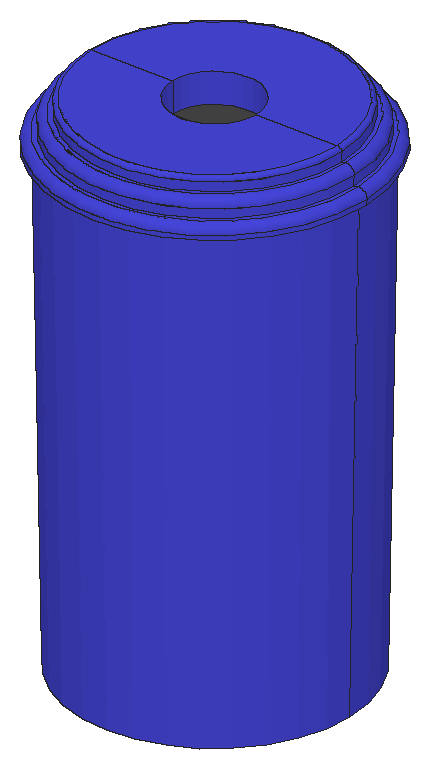
Revit family "1666afbbe49f4f9787c7c477b693961b", category Specialty Equipment, Revit 2019
Family settings
  Round Connector Dimension = Use Diameter
  Part Type = Normal
  OmniClass Number = 23.15.30.21.11
  OmniClass Title = Bins
  Seek Item ID = Recycle Bin-Round-0000-USA-ENU
  Work Plane-Based = No
  Always vertical = Yes
  Cut with Voids When Loaded = No
  Shared = No
  Room Calculation Point = No
Reference planes (in)
  plane 1 "Center (Front/Back)": y = 0
  plane 2: z = 0
  plane 3 "Center (Left/Right)": x = 0
  plane 4: x = -8.5
  plane 5: x = 8.5
  plane 6: y = 8.5
  plane 7: y = -8.5
Forms (in)
  Blend 1, solid, material "Plastic - Blue"
    base sketch origin (0, 0, 0) x (1, 0, 0) y (0, 1, 0)
      loop
        circle (0, 0) r 8
    top sketch origin (0, 0, 0) x (1, 0, 0) y (0, 1, 0)
      loop
        circle (0, 0) r 8.5
    from 0 to 27.5
  Revolve 2, solid, material "Plastic - Blue"
    sketch origin (0, 0, 0) x (1, 0, 0) y (0, 0, 1)
      loop
        line (0, 27.5) -> (9, 27.5) -> (9, 27.75)
        arc (9, 27.75) -> (8.85355, 28.10355) -> (8.5, 28.25) r 0.5
        line (8.5, 28.25) -> (8.25, 28.25) -> (8.25, 28.75)
        arc (8.25, 28.75) -> (8.10355, 29.10355) -> (7.75, 29.25) r 0.5
        line (7.75, 29.25) -> (7.5, 29.25) -> (7.5, 29.75)
        arc (7.5, 29.75) -> (7.42678, 29.92678) -> (7.25, 30) r 0.25
        line (7.25, 30) -> (2.5, 30) -> (2.5, 28.25) -> (0, 28.25) -> (0, 27.5)
      axis (0, 27.5) -> (0, 30)
    angle from 0 to 360
Lines and regions (in)
  symbolic lines, detail levels medium+fine
    curve 1: line (-1.5816, -10.375, 19.79378) -> (-0.60497, -10.375, 21.48535)
    curve 2: line (-0.60497, -10.375, 21.48535) -> (0.7816, -10.375, 21.48535)
    curve 3: line (0.7816, -10.375, 21.48535) -> (1.50003, -10.375, 20.24099)
    curve 4: line (1.50003, -10.375, 20.24099) -> (1.95511, -10.375, 20.508)
    curve 5: line (1.95511, -10.375, 20.508) -> (1.34961, -10.375, 19.2834)
    curve 6: line (1.34961, -10.375, 19.2834) -> (-0.01512, -10.375, 19.36821)
    curve 7: line (-0.01512, -10.375, 19.36821) -> (0.45732, -10.375, 19.64541)
    curve 8: line (0.45732, -10.375, 19.64541) -> (-0.59403, -10.375, 21.43723)
    curve 9: line (0.0954, -10.375, 20.26224) -> (-0.53427, -10.375, 19.1891)
    curve 10: line (-0.53427, -10.375, 19.1891) -> (-1.5816, -10.375, 19.79378)
    curve 11: line (1.11449, -10.375, 18.67656) -> (2.16836, -10.375, 19.28501)
    curve 12: line (2.16836, -10.375, 19.28501) -> (3.14527, -10.375, 17.59297)
    curve 13: line (3.14527, -10.375, 17.59297) -> (2.44778, -10.375, 16.40424)
    curve 14: line (2.44778, -10.375, 16.40424) -> (1.02927, -10.375, 16.40424)
    curve 15: line (1.02927, -10.375, 16.40424) -> (1.02927, -10.375, 15.83199)
    curve 16: line (1.02927, -10.375, 15.83199) -> (0.25622, -10.375, 16.99156)
    curve 17: line (0.25622, -10.375, 16.99156) -> (1.02056, -10.375, 18.13807)
    curve 18: line (1.02056, -10.375, 18.13807) -> (1.02056, -10.375, 17.58845)
    curve 19: line (1.02056, -10.375, 17.58845) -> (1.75294, -10.375, 17.58845)
    curve 20: line (1.11449, -10.375, 18.67656) -> (2.44778, -10.375, 16.40424)
    curve 21: line (-2.61754, -10.375, 19.02445) -> (-1.17168, -10.375, 19.1075)
    curve 22: line (-1.17168, -10.375, 19.1075) -> (-0.57187, -10.375, 17.87266)
    curve 23: line (-0.57187, -10.375, 17.87266) -> (-1.0451, -10.375, 18.14147)
    curve 24: line (-1.0451, -10.375, 18.14147) -> (-1.41176, -10.375, 17.49598)
    curve 25: line (-2.79093, -10.375, 17.49598) -> (-0.16176, -10.375, 17.49598)
    curve 26: line (-0.16176, -10.375, 17.49598) -> (-0.16176, -10.375, 16.32004)
    curve 27: line (-0.16176, -10.375, 16.32004) -> (-2.11201, -10.375, 16.32004)
    curve 28: line (-2.11201, -10.375, 16.32004) -> (-2.79093, -10.375, 17.49598)
    curve 29: line (-2.79093, -10.375, 17.49598) -> (-2.09196, -10.375, 18.76458)
    curve 30: line (-2.09196, -10.375, 18.76458) -> (-2.61754, -10.375, 19.02445)
  symbolic lines, not visible, detail levels medium+fine
    curve 31: line (-1.5816, -10.375, 18.54378) -> (-0.60497, -10.375, 20.23535)
    curve 32: line (-0.60497, -10.375, 20.23535) -> (0.7816, -10.375, 20.23535)
    curve 33: line (0.7816, -10.375, 20.23535) -> (1.50003, -10.375, 18.99099)
    curve 34: line (1.50003, -10.375, 18.99099) -> (1.95511, -10.375, 19.258)
    curve 35: line (1.95511, -10.375, 19.258) -> (1.34961, -10.375, 18.0334)
    curve 36: line (1.34961, -10.375, 18.0334) -> (-0.01512, -10.375, 18.11821)
    curve 37: line (-0.01512, -10.375, 18.11821) -> (0.45732, -10.375, 18.39541)
    curve 38: line (0.45732, -10.375, 18.39541) -> (-0.59403, -10.375, 20.18723)
    curve 39: line (0.0954, -10.375, 19.01224) -> (-0.53427, -10.375, 17.9391)
    curve 40: line (-0.53427, -10.375, 17.9391) -> (-1.5816, -10.375, 18.54378)
    curve 41: line (1.11449, -10.375, 17.42656) -> (2.16836, -10.375, 18.03501)
    curve 42: line (2.16836, -10.375, 18.03501) -> (3.14527, -10.375, 16.34297)
    curve 43: line (3.14527, -10.375, 16.34297) -> (2.44778, -10.375, 15.15424)
    curve 44: line (2.44778, -10.375, 15.15424) -> (1.02927, -10.375, 15.15424)
    curve 45: line (1.02927, -10.375, 15.15424) -> (1.02927, -10.375, 14.58199)
    curve 46: line (1.02927, -10.375, 14.58199) -> (0.25622, -10.375, 15.74156)
    curve 47: line (0.25622, -10.375, 15.74156) -> (1.02056, -10.375, 16.88807)
    curve 48: line (1.02056, -10.375, 16.88807) -> (1.02056, -10.375, 16.33845)
    curve 49: line (1.02056, -10.375, 16.33845) -> (1.75294, -10.375, 16.33845)
    curve 50: line (1.11449, -10.375, 17.42656) -> (2.44778, -10.375, 15.15424)
    curve 51: line (-2.61754, -10.375, 17.77445) -> (-1.17168, -10.375, 17.8575)
    curve 52: line (-1.17168, -10.375, 17.8575) -> (-0.57187, -10.375, 16.62266)
    curve 53: line (-0.57187, -10.375, 16.62266) -> (-1.0451, -10.375, 16.89147)
    curve 54: line (-1.0451, -10.375, 16.89147) -> (-1.41176, -10.375, 16.24598)
    curve 55: line (-2.79093, -10.375, 16.24598) -> (-0.16176, -10.375, 16.24598)
    curve 56: line (-0.16176, -10.375, 16.24598) -> (-0.16176, -10.375, 15.07004)
    curve 57: line (-0.16176, -10.375, 15.07004) -> (-2.11201, -10.375, 15.07004)
    curve 58: line (-2.11201, -10.375, 15.07004) -> (-2.79093, -10.375, 16.24598)
    curve 59: line (-2.79093, -10.375, 16.24598) -> (-2.09196, -10.375, 17.51458)
    curve 60: line (-2.09196, -10.375, 17.51458) -> (-2.61754, -10.375, 17.77445)
  symbolic lines
    curve 61: circle (0, 0, 0) r 2.5 normal (0, 0, 1)
    curve 62: arc (7.5, 0, 0) -> (0, 7.5, 0) -> (-7.5, 0, 0) r 7.5
    curve 63: arc (-7.5, 0, 0) -> (0, -7.5, 0) -> (7.5, 0, 0) r 7.5
Dimensions and locks (in)
  locked: Revolve 2 to curve 2 at 6.01465
